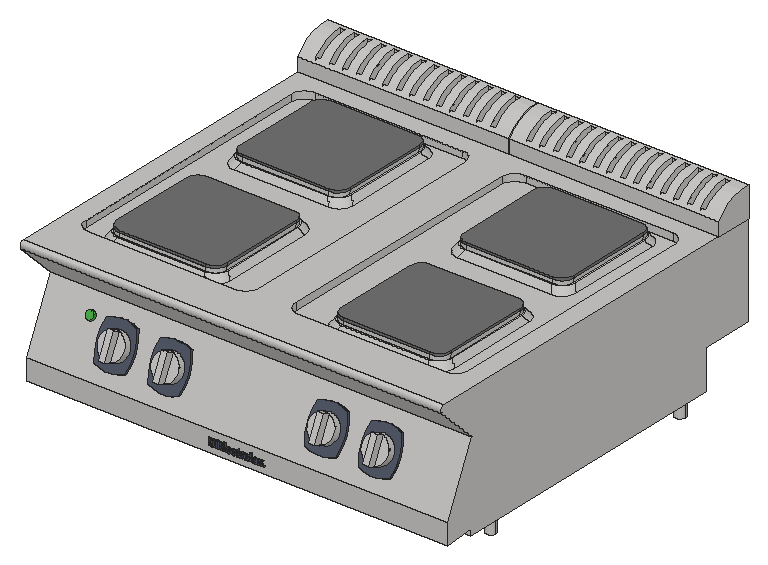
Revit family "QF_ELECTROLUXPROFESSIONAL_371130_E7ECEH4Q0N", category Specialty Equipment, Revit 2018
Family settings
  Round Connector Dimension = Use Diameter
  Part Type = Normal
  Work Plane-Based = No
  Always vertical = Yes
  Cut with Voids When Loaded = No
  Shared = No
  Room Calculation Point = No
Parameters
  Width = 800.1 mm  # constant formula
  Weight in Pounds = 88  # constant formula
  Watts = 10400 VA  # 10400 W
  Volts = 230 V  # constant formula
  URL Cutsheet = "www.electrolux.com/foodservice"
  URL = "www.electrolux.com/foodservice"
  Type Mark [instance] = ""
  Status [instance] = ""
  Specification by User [instance] = ""
  Specification by Manufacturer = ""
  Show Logo [instance] = yes
  Show Clearance [instance] = yes
  Serial Number = ""
  Seismic Rating = ""
  SMACNA No = ""
  Revision Code [instance] = ""
  Phase = 3  # constant formula
  Omniclass Number and Title = ""
  Number of Poles [instance] = 1
  NAFEM Spec ID Number = ""
  Model = "371130"
  Min Ckt Ampacity = 0 A
  Max Overcurrent Protection = 0 A
  Masterspec = ""
  Manufacturer = "ELECTROLUX"
  Item Number [instance] = ""
  Installed By [instance] = ""
  Identify Quantity as Lot [instance] = yes
  Height = 331.8 mm  # constant formula
  HP = "13.9 HP"
  Furnished By [instance] = ""
  Foodservice Equipment Identifier [instance] = yes
  FL Amps = if(Phase = 3, Watts / (Volts * 1.73), Watts / Volts)  # 26.1372 A
  Electrical Remarks [instance] = "230 V/3 ph/50/60 Hz"  # constant formula
  Electric Connection Type [instance] = ""
  Elec Conn RI Height [instance] = 0 mm
  Elec Conn Connection Height [instance] = 0 mm
  Direct Waste Size = 0"
  Description = "700XP 4 Hot Square Plate Electric Boiling Top 2.6KW - 230V"
  Depth = 730.25 mm  # constant formula
  Cycle [instance] = if([60 Hertz Option], 60 Hz, 50 Hz)  # 60 Hz
  Conn Plug = ""
  Conn Conduit = yes
  CSI MasterFormat = ""
  CSI Master Format = ""
  Base Height [instance] = 23.813 mm  # constant formula
  Assembly Code = ""
  Apparent Power = if(Phase = 3, Volts * FL Amps * 1.73, Volts * FL Amps)  # 10400 VA
  60 Hertz Option [instance] = not([50 Hertz Option])  # yes
  50 Hertz Option [instance] = no
Reference planes
  plane 1 "BACK": y = 0
  plane 2: z = 0
  plane 3 "LEFT": x = 0
  plane 4 "RIGHT": x = 800.1
  plane 5 "FRONT": y = -730.25
  plane 6 "TOP": z = 288.925
  plane 7 "Center Y": x = 400.05
  plane 8 "Center X": y = -365.125
  plane 9 "BASE": z = 23.813
  plane 10 "TOP A": z = 274.638
  plane 11: y = -597.884
  plane 12: y = -147.637
  plane 13: z = 331.8
Forms (mm)
  Extrusion 1, solid, material "QF_Finishes_Stainless Steel"
    sketch origin (0, 0, 0) x (0, 1, 0) y (0, 0, 1)
      loop
        line (0, 274.638) -> (-722.844, 274.638)
        arc (-722.844, 274.638) -> (-729.641, 270.096) -> (-728.047, 262.077) r 7.358
        line (-728.047, 262.077) -> (-657.416, 191.447) -> (-713.772, 69.003) -> (-713.772, 30.903) -> (-660.4, 36.513) -> (-660.4, 23.812) -> (-101.6, 23.812) -> (-101.6, 98.425) -> (0, 98.425) -> (0, 274.638)
    from 0 to 800.1
  Extrusion 2, solid, material "QF_Finishes_Stainless Steel"
    sketch origin (0, 0, 0) x (1, 0, 0) y (0, 1, 0)
      loop
        circle (11.112, -147.638) r 9.525
      loop
        circle (11.112, -597.884) r 9.525
      loop
        circle (788.987, -147.638) r 9.525
      loop
        circle (788.987, -597.884) r 9.525
    from 0 to 23.813
  Extrusion 3, solid, material "QF_Finishes_Stainless Steel"
    sketch origin (0, -101.6, 101.6) x (0, 0, -1) y (-1, 0, 0)
      loop
        circle (41.275, -747.712) r 12.7
    from 0 to 3.175
  Extrusion 4, solid, material "QF_Finishes_Clearance", visible <- "Show Clearance", detail levels coarse
    sketch origin (0, 0, 0) x (1, 0, 0) y (0, 1, 0)
      loop
        line (0, -730.25) -> (0, 0) -> (800.1, 0) -> (800.1, -730.25) -> (950.119, -730.25) -> (950.119, 150.019) -> (-150.019, 150.019) -> (-150.019, -730.25) -> (0, -730.25)
    from 0 to 331.788
  Extrusion 5, solid, material "QF_Finishes_Navy Blue"
    sketch origin (-390.52, -713.772, 69.003) x (0, 0.418102, 0.9084) y (-1, 0, 0)
      loop
        arc (102.623, -510.47) -> (67.041, -502.846) -> (31.333, -509.853) r 90.5
        arc (31.333, -509.853) -> (24.507, -539.04) -> (31.333, -568.228) r 65.817
        arc (31.333, -568.228) -> (67.04, -575.188) -> (102.623, -567.615) r 91.066
        arc (102.623, -567.615) -> (109.179, -539.043) -> (102.623, -510.47) r 65.546
    from 0 to 3.175
  Extrusion 6, solid, material "QF_Finishes_Stainless Steel"
    sketch origin (-11.77, -717.485, 68.529) x (0, 0.418102, 0.9084) y (-1, 0, 0)
      loop
        circle (68.826, -160.963) r 25.4
    from 0 to 12.7
  Extrusion 7, solid, material "QF_Finishes_Stainless Steel"
    sketch origin (-11.77, -729.022, 73.839) x (0, 0.418102, 0.9084) y (-1, 0, 0)
      loop
        arc (93.558, -166.749) -> (94.226, -160.963) -> (93.558, -155.177) r 25.4
        line (93.558, -155.177) -> (44.094, -155.177)
        arc (44.094, -155.177) -> (43.426, -160.963) -> (44.094, -166.749) r 25.4
        line (44.094, -166.749) -> (93.558, -166.749)
    from 0 to 12.7
  Extrusion 8, solid, material "QF_Finishes_Navy Blue", visible <- "Show Logo"
    sketch origin (58.349, -713.772, 35.665) x (0, 0, 1) y (-1, 0, 0)
      loop
        line (20.674, -296.698) -> (8.307, -296.698)
        arc (8.307, -296.698) -> (14.491, -301.27) -> (20.674, -296.698) r 6.467
      loop
        arc (20.674, -296.069) -> (19.505, -290.926) -> (14.849, -288.448) r 6.338
        line (14.849, -288.448) -> (14.849, -290.494)
        arc (14.849, -290.494) -> (16.333, -294.149) -> (19.778, -296.069) r 5.941
        line (19.778, -296.069) -> (20.674, -296.069)
      loop
        arc (9.203, -296.069) -> (12.648, -294.149) -> (14.132, -290.494) r 5.941
        line (14.132, -290.494) -> (14.132, -288.448)
        arc (14.132, -288.448) -> (9.438, -290.922) -> (8.148, -296.069) r 6.504
        line (8.148, -296.069) -> (9.203, -296.069)
      loop
        line (21.349, -287.979) -> (7.604, -287.979) -> (7.604, -301.742) -> (21.349, -301.742) -> (21.349, -287.979)
      loop
        arc (21.432, -304.71) -> (21.085, -304.352) -> (20.718, -304.69) r 0.358
        arc (20.718, -304.69) -> (20.404, -305.44) -> (19.687, -305.825) r 1.216
        line (19.687, -305.825) -> (9.274, -305.825)
        arc (9.274, -305.825) -> (8.614, -305.548) -> (8.218, -304.951) r 1.238
        arc (8.218, -304.951) -> (7.823, -304.7) -> (7.518, -305.054) r 0.358
        line (7.518, -305.054) -> (7.518, -314.933) -> (10.269, -314.933) -> (10.269, -314.036)
        arc (10.269, -314.036) -> (9.36, -313.456) -> (8.904, -312.479) r 1.928
        line (8.904, -312.479) -> (8.904, -309.98)
        arc (8.904, -309.98) -> (9.18, -309.251) -> (9.868, -308.887) r 1.101
        line (9.868, -308.887) -> (13.955, -308.887) -> (13.955, -312.561)
        arc (13.955, -312.561) -> (13.602, -313.058) -> (13.037, -313.286) r 1.083
        arc (13.037, -313.286) -> (12.773, -313.591) -> (13.065, -313.869) r 0.292
        line (13.065, -313.869) -> (16.028, -313.869)
        arc (16.028, -313.869) -> (16.33, -313.596) -> (16.092, -313.266) r 0.305
        arc (16.092, -313.266) -> (15.601, -313.018) -> (15.296, -312.561) r 1.083
        line (15.296, -312.561) -> (15.296, -308.887) -> (19.973, -308.887) -> (19.973, -312.635)
        arc (19.973, -312.635) -> (19.759, -313.39) -> (19.153, -313.888) r 1.314
        arc (19.153, -313.888) -> (18.934, -314.292) -> (19.288, -314.585) r 0.361
        line (19.288, -314.585) -> (21.432, -314.585) -> (21.432, -304.71)
      loop
        arc (20.715, -315.365) -> (20.335, -316.284) -> (19.416, -316.664) r 1.299
        line (19.416, -316.664) -> (9.837, -316.664)
        arc (9.837, -316.664) -> (8.999, -316.286) -> (8.728, -315.408) r 1.118
        line (8.728, -315.408) -> (7.518, -315.408) -> (7.518, -320.758) -> (8.706, -320.758)
        arc (8.706, -320.758) -> (8.978, -319.841) -> (9.848, -319.445) r 1.153
        line (9.848, -319.445) -> (21.92, -319.445) -> (20.715, -315.365)
      loop
        line (12.483, -323.394) -> (12.483, -329.842) -> (13.282, -329.842)
        arc (13.282, -329.842) -> (15.862, -328.857) -> (17.131, -326.404) r 3.874
        line (17.131, -326.404) -> (17.131, -324.643)
        arc (17.131, -324.643) -> (15.944, -321.778) -> (13.08, -320.592) r 4.051
        line (13.08, -320.592) -> (11.072, -320.592)
        arc (11.072, -320.592) -> (8.253, -322.077) -> (7.202, -325.084) r 4.352
        arc (7.202, -325.084) -> (7.566, -327.547) -> (8.943, -329.621) r 5.713
        line (8.943, -329.621) -> (9.892, -329.621)
        arc (9.892, -329.621) -> (9.16, -328.052) -> (8.943, -326.334) r 5.579
        arc (8.943, -326.334) -> (9.737, -324.371) -> (11.616, -323.394) r 3.057
        line (11.616, -323.394) -> (12.483, -323.394)
      loop
        line (13.742, -323.394) -> (13.742, -326.977)
        arc (13.742, -326.977) -> (15.199, -327.024) -> (16.082, -325.864) r 1.59
        line (16.082, -325.864) -> (16.082, -325.034)
        arc (16.082, -325.034) -> (15.217, -323.779) -> (13.742, -323.394) r 2.184
      loop
        arc (16.533, -339.259) -> (17.022, -337.585) -> (17.179, -335.848) r 9.023
        line (17.179, -335.848) -> (17.179, -334.486)
        arc (17.179, -334.486) -> (16.02, -331.686) -> (13.22, -330.527) r 3.959
        line (13.22, -330.527) -> (10.62, -330.527)
        arc (10.62, -330.527) -> (8.338, -331.819) -> (7.221, -334.192) r 4.331
        line (7.221, -334.192) -> (7.221, -336.327)
        arc (7.221, -336.327) -> (7.729, -337.877) -> (8.651, -339.223) r 5.772
        arc (8.651, -339.223) -> (9.412, -339.274) -> (9.499, -338.515) r 0.553
        arc (9.499, -338.515) -> (9.111, -337.781) -> (8.977, -336.962) r 2.573
        line (8.977, -336.962) -> (8.977, -335.447)
        arc (8.977, -335.447) -> (9.983, -333.806) -> (11.798, -333.163) r 2.884
        line (11.798, -333.163) -> (13.077, -333.163)
        arc (13.077, -333.163) -> (14.898, -333.723) -> (15.824, -335.388) r 2.554
        line (15.824, -335.388) -> (15.824, -336.441)
        arc (15.824, -336.441) -> (15.493, -337.369) -> (14.836, -338.104) r 2.564
        arc (14.836, -338.104) -> (14.614, -338.821) -> (15.223, -339.259) r 0.643
        line (15.223, -339.259) -> (16.533, -339.259)
      loop
        line (15.515, -339.53) -> (15.515, -341.031) -> (9.467, -341.031)
        arc (9.467, -341.031) -> (7.879, -341.688) -> (7.221, -343.276) r 2.246
        line (7.221, -343.276) -> (7.221, -344.86)
        arc (7.221, -344.86) -> (7.535, -345.725) -> (8.035, -346.496) r 4.06
        arc (8.035, -346.496) -> (8.768, -346.629) -> (9.019, -345.928) r 0.576
        arc (9.019, -345.928) -> (8.913, -345.403) -> (8.977, -344.87) r 1.69
        arc (8.977, -344.87) -> (9.519, -344.082) -> (10.425, -343.779) r 1.506
        line (10.425, -343.779) -> (15.563, -343.779) -> (15.563, -346.176) -> (16.119, -346.733) -> (16.941, -346.733) -> (16.941, -343.873) -> (20.172, -343.873) -> (15.515, -339.53)
      loop
        line (7.438, -347.63) -> (7.438, -353.017) -> (8.548, -353.017)
        arc (8.548, -353.017) -> (8.942, -352.066) -> (9.893, -351.672) r 1.345
        line (9.893, -351.672) -> (13.509, -351.672)
        arc (13.509, -351.672) -> (14.274, -352.264) -> (14.564, -353.186) r 1.615
        line (14.564, -353.186) -> (14.564, -354.742) -> (17.119, -355.427) -> (17.119, -354.044) -> (15.177, -351.485) -> (17.057, -351.485) -> (16.773, -348.779)
        arc (16.773, -348.779) -> (16.333, -348.249) -> (15.674, -348.45) r 0.621
        arc (15.674, -348.45) -> (15.274, -348.792) -> (14.78, -348.975) r 1.501
        line (14.78, -348.975) -> (9.893, -348.975)
        arc (9.893, -348.975) -> (8.942, -348.581) -> (8.548, -347.63) r 1.345
        line (8.548, -347.63) -> (7.438, -347.63)
      loop
        line (13.54, -354.964) -> (10.848, -354.964)
        arc (10.848, -354.964) -> (8.403, -356.272) -> (7.269, -358.803) r 4.288
        arc (7.269, -358.803) -> (7.205, -360.183) -> (7.269, -361.563) r 15.022
        arc (7.269, -361.563) -> (8.403, -364.094) -> (10.848, -365.401) r 4.288
        line (10.848, -365.401) -> (13.54, -365.401)
        arc (13.54, -365.401) -> (15.986, -364.094) -> (17.119, -361.563) r 4.288
        arc (17.119, -361.563) -> (17.183, -360.183) -> (17.119, -358.803) r 15.022
        arc (17.119, -358.803) -> (15.986, -356.272) -> (13.54, -354.964) r 4.288
      loop
        line (13.745, -358.078) -> (10.643, -358.078)
        arc (10.643, -358.078) -> (8.486, -360.235) -> (10.643, -362.392) r 2.157
        line (10.643, -362.392) -> (13.745, -362.392)
        arc (13.745, -362.392) -> (15.902, -360.235) -> (13.745, -358.078) r 2.157
      loop
        arc (20.726, -365.26) -> (20.355, -366.154) -> (19.461, -366.524) r 1.264
        line (19.461, -366.524) -> (9.597, -366.524)
        arc (9.597, -366.524) -> (8.727, -366.127) -> (8.455, -365.211) r 1.153
        line (8.455, -365.211) -> (7.518, -365.211) -> (7.518, -370.319) -> (8.446, -370.319)
        arc (8.446, -370.319) -> (8.805, -369.547) -> (9.597, -369.232) r 1.153
        line (9.597, -369.232) -> (21.92, -369.232) -> (20.726, -365.26)
      loop
        arc (15.846, -369.857) -> (15.647, -370.921) -> (14.678, -371.403) r 1.215
        line (14.678, -371.403) -> (9.658, -371.403)
        arc (9.658, -371.403) -> (8.043, -372.051) -> (7.322, -373.634) r 2.338
        line (7.322, -373.634) -> (7.322, -375.148)
        arc (7.322, -375.148) -> (7.497, -376.152) -> (7.999, -377.038) r 2.979
        line (7.999, -377.038) -> (7.518, -378.835) -> (7.518, -380.524) -> (16.943, -380.524) -> (16.649, -376.32) -> (15.863, -376.32)
        arc (15.863, -376.32) -> (15.507, -377.156) -> (14.755, -377.665) r 1.605
        line (14.755, -377.665) -> (9.652, -377.665)
        arc (9.652, -377.665) -> (9.232, -376.728) -> (9.159, -375.704) r 2.94
        arc (9.159, -375.704) -> (9.72, -374.603) -> (10.873, -374.16) r 1.724
        line (10.873, -374.16) -> (17.07, -374.16) -> (15.846, -369.857)
      loop
        line (16.874, -381.377) -> (15.202, -383.423) -> (12.028, -385.729) -> (8.572, -382.617)
        arc (8.572, -382.617) -> (8.335, -382.223) -> (8.357, -381.764) r 0.789
        line (8.357, -381.764) -> (7.518, -381.764) -> (7.518, -385.309) -> (8.344, -385.309)
        arc (8.344, -385.309) -> (8.686, -384.947) -> (9.176, -385.039) r 0.52
        line (9.176, -385.039) -> (10.976, -386.51) -> (8.858, -387.886)
        arc (8.858, -387.886) -> (8.457, -387.576) -> (8.37, -387.076) r 0.7
        line (8.37, -387.076) -> (7.518, -387.076) -> (7.518, -393.003) -> (8.405, -393.003)
        arc (8.405, -393.003) -> (8.472, -392.344) -> (8.866, -391.813) r 1.247
        line (8.866, -391.813) -> (13.066, -388.532) -> (15.513, -390.585) -> (16.874, -392.327) -> (16.874, -388.604) -> (15.389, -389.026) -> (13.868, -387.749) -> (15.568, -386.559) -> (16.874, -387.336) -> (16.874, -381.377)
    from 0 to 1.644
  Extrusion 9, solid, material "QF_Finishes_Stainless Steel"
    sketch origin (0, 0, 0) x (0, 1, 0) y (0, 0, 1)
      loop
        line (0, 274.638) -> (0, 331.738)
        arc (0, 331.738) -> (-38.857, 324.552) -> (-69.85, 300.038) r 82.056
        line (-69.85, 300.038) -> (-69.85, 274.638) -> (0, 274.638)
    from 0 to 400.05
  Extrusion 10, void
    sketch origin (0, 0, 274.638) x (0, -1, 0) y (1, 0, 0)
      loop
        line (6.761, 29.703) -> (63.911, 29.703) -> (63.911, 38.999) -> (6.761, 38.999) -> (6.761, 29.703)
      loop
        line (63.911, 64.487) -> (6.761, 64.487) -> (6.761, 55.191) -> (63.911, 55.191) -> (63.911, 64.487)
      loop
        line (63.911, 89.975) -> (6.761, 89.975) -> (6.761, 80.68) -> (63.911, 80.68) -> (63.911, 89.975)
      loop
        line (63.911, 115.464) -> (6.761, 115.464) -> (6.761, 106.168) -> (63.911, 106.168) -> (63.911, 115.464)
      loop
        line (63.911, 140.952) -> (6.761, 140.952) -> (6.761, 131.656) -> (63.911, 131.656) -> (63.911, 140.952)
      loop
        line (63.911, 166.44) -> (6.761, 166.44) -> (6.761, 157.145) -> (63.911, 157.145) -> (63.911, 166.44)
      loop
        line (63.911, 191.929) -> (6.761, 191.929) -> (6.761, 182.633) -> (63.911, 182.633) -> (63.911, 191.929)
      loop
        line (63.911, 217.417) -> (6.761, 217.417) -> (6.761, 208.121) -> (63.911, 208.121) -> (63.911, 217.417)
      loop
        line (63.911, 242.905) -> (6.761, 242.905) -> (6.761, 233.61) -> (63.911, 233.61) -> (63.911, 242.905)
      loop
        line (63.911, 268.394) -> (6.761, 268.394) -> (6.761, 259.098) -> (63.911, 259.098) -> (63.911, 268.394)
      loop
        line (63.911, 293.882) -> (6.761, 293.882) -> (6.761, 284.586) -> (63.911, 284.586) -> (63.911, 293.882)
      loop
        line (63.911, 319.37) -> (6.761, 319.37) -> (6.761, 310.075) -> (63.911, 310.075) -> (63.911, 319.37)
      loop
        line (63.911, 344.859) -> (6.761, 344.859) -> (6.761, 335.563) -> (63.911, 335.563) -> (63.911, 344.859)
      loop
        line (63.911, 370.347) -> (6.761, 370.347) -> (6.761, 361.051) -> (63.911, 361.051) -> (63.911, 370.347)
    from 25.4 to 63.5
  Extrusion 11, solid, material "QF_Finishes_Stainless Steel"
    sketch origin (400.05, 0, 0) x (0, 1, 0) y (0, 0, 1)
      loop
        line (0, 274.638) -> (0, 331.738)
        arc (0, 331.738) -> (-38.857, 324.552) -> (-69.85, 300.038) r 82.056
        line (-69.85, 300.038) -> (-69.85, 274.638) -> (0, 274.638)
    from 0 to 400.05
  Extrusion 12, void
    sketch origin (400.05, 0, 274.638) x (0, -1, 0) y (1, 0, 0)
      loop
        line (6.761, 29.703) -> (63.911, 29.703) -> (63.911, 38.999) -> (6.761, 38.999) -> (6.761, 29.703)
      loop
        line (63.911, 64.487) -> (6.761, 64.487) -> (6.761, 55.191) -> (63.911, 55.191) -> (63.911, 64.487)
      loop
        line (63.911, 89.975) -> (6.761, 89.975) -> (6.761, 80.68) -> (63.911, 80.68) -> (63.911, 89.975)
      loop
        line (63.911, 115.464) -> (6.761, 115.464) -> (6.761, 106.168) -> (63.911, 106.168) -> (63.911, 115.464)
      loop
        line (63.911, 140.952) -> (6.761, 140.952) -> (6.761, 131.656) -> (63.911, 131.656) -> (63.911, 140.952)
      loop
        line (63.911, 166.44) -> (6.761, 166.44) -> (6.761, 157.145) -> (63.911, 157.145) -> (63.911, 166.44)
      loop
        line (63.911, 191.929) -> (6.761, 191.929) -> (6.761, 182.633) -> (63.911, 182.633) -> (63.911, 191.929)
      loop
        line (63.911, 217.417) -> (6.761, 217.417) -> (6.761, 208.121) -> (63.911, 208.121) -> (63.911, 217.417)
      loop
        line (63.911, 242.905) -> (6.761, 242.905) -> (6.761, 233.61) -> (63.911, 233.61) -> (63.911, 242.905)
      loop
        line (63.911, 268.394) -> (6.761, 268.394) -> (6.761, 259.098) -> (63.911, 259.098) -> (63.911, 268.394)
      loop
        line (63.911, 293.882) -> (6.761, 293.882) -> (6.761, 284.586) -> (63.911, 284.586) -> (63.911, 293.882)
      loop
        line (63.911, 319.37) -> (6.761, 319.37) -> (6.761, 310.075) -> (63.911, 310.075) -> (63.911, 319.37)
      loop
        line (63.911, 344.859) -> (6.761, 344.859) -> (6.761, 335.563) -> (63.911, 335.563) -> (63.911, 344.859)
      loop
        line (63.911, 370.347) -> (6.761, 370.347) -> (6.761, 361.051) -> (63.911, 361.051) -> (63.911, 370.347)
    from 25.4 to 63.5
  Extrusion 13, void
    sketch origin (0, 0, 274.638) x (1, 0, 0) y (0, -1, 0)
      loop
        line (60.425, 104.885) -> (339.625, 104.885)
        arc (339.625, 104.885) -> (357.586, 112.324) -> (365.025, 130.285) r 25.4
        line (365.025, 130.285) -> (365.025, 619.485)
        arc (365.025, 619.485) -> (357.586, 637.445) -> (339.625, 644.885) r 25.4
        line (339.625, 644.885) -> (60.425, 644.885)
        arc (60.425, 644.885) -> (42.464, 637.445) -> (35.025, 619.485) r 25.4
        line (35.025, 619.485) -> (35.025, 130.285)
        arc (35.025, 130.285) -> (42.464, 112.324) -> (60.425, 104.885) r 25.4
      loop
        arc (739.675, 104.885) -> (757.636, 112.324) -> (765.075, 130.285) r 25.4
        line (765.075, 130.285) -> (765.075, 619.485)
        arc (765.075, 619.485) -> (757.636, 637.445) -> (739.675, 644.885) r 25.4
        line (739.675, 644.885) -> (460.475, 644.885)
        arc (460.475, 644.885) -> (442.514, 637.445) -> (435.075, 619.485) r 25.4
        line (435.075, 619.485) -> (435.075, 130.285)
        arc (435.075, 130.285) -> (442.514, 112.324) -> (460.475, 104.885) r 25.4
        line (460.475, 104.885) -> (739.675, 104.885)
    from 0 to 12.7
  Extrusion 14, solid, material "QF_Finishes_Navy Blue"
    sketch origin (-288.02, -713.772, 69.003) x (0, 0.418102, 0.9084) y (-1, 0, 0)
      loop
        arc (102.623, -510.47) -> (67.041, -502.846) -> (31.333, -509.853) r 90.5
        arc (31.333, -509.853) -> (24.507, -539.04) -> (31.333, -568.228) r 65.817
        arc (31.333, -568.228) -> (67.04, -575.188) -> (102.623, -567.615) r 91.066
        arc (102.623, -567.615) -> (109.179, -539.043) -> (102.623, -510.47) r 65.546
    from 0 to 3.175
  Extrusion 15, solid, material "QF_Finishes_Stainless Steel"
    sketch origin (90.73, -717.485, 68.529) x (0, 0.418102, 0.9084) y (-1, 0, 0)
      loop
        circle (68.826, -160.963) r 25.4
    from 0 to 12.7
  Extrusion 16, solid, material "QF_Finishes_Stainless Steel"
    sketch origin (90.73, -729.022, 73.839) x (0, 0.418102, 0.9084) y (-1, 0, 0)
      loop
        arc (93.558, -166.749) -> (94.226, -160.963) -> (93.558, -155.177) r 25.4
        line (93.558, -155.177) -> (44.094, -155.177)
        arc (44.094, -155.177) -> (43.426, -160.963) -> (44.094, -166.749) r 25.4
        line (44.094, -166.749) -> (93.558, -166.749)
    from 0 to 12.7
  Extrusion 17, solid, material "QF_Finishes_Navy Blue"
    sketch origin (1190.62, -713.772, 69.003) x (0, 0.418102, 0.9084) y (-1, 0, 0)
      loop
        arc (102.623, 510.47) -> (109.179, 539.043) -> (102.623, 567.615) r 65.546
        arc (102.623, 567.615) -> (67.04, 575.188) -> (31.333, 568.228) r 91.066
        arc (31.333, 568.228) -> (24.507, 539.04) -> (31.333, 509.853) r 65.817
        arc (31.333, 509.853) -> (67.041, 502.846) -> (102.623, 510.47) r 90.5
    from 0 to 3.175
  Extrusion 18, solid, material "QF_Finishes_Stainless Steel"
    sketch origin (1569.37, -717.485, 68.529) x (0, 0.418102, 0.9084) y (-1, 0, 0)
      loop
        circle (68.826, 918.463) r 25.4
    from 0 to 12.7
  Extrusion 19, solid, material "QF_Finishes_Stainless Steel"
    sketch origin (1569.37, -729.022, 73.839) x (0, 0.418102, 0.9084) y (-1, 0, 0)
      loop
        line (93.558, 924.249) -> (44.094, 924.249)
        arc (44.094, 924.249) -> (43.426, 918.463) -> (44.094, 912.677) r 25.4
        line (44.094, 912.677) -> (93.558, 912.677)
        arc (93.558, 912.677) -> (94.226, 918.463) -> (93.558, 924.249) r 25.4
    from 0 to 12.7
  Extrusion 20, solid, material "QF_Finishes_Navy Blue"
    sketch origin (1088.12, -713.772, 69.003) x (0, 0.418102, 0.9084) y (-1, 0, 0)
      loop
        arc (102.623, 510.47) -> (109.179, 539.043) -> (102.623, 567.615) r 65.546
        arc (102.623, 567.615) -> (67.04, 575.188) -> (31.333, 568.228) r 91.066
        arc (31.333, 568.228) -> (24.507, 539.04) -> (31.333, 509.853) r 65.817
        arc (31.333, 509.853) -> (67.041, 502.846) -> (102.623, 510.47) r 90.5
    from 0 to 3.175
  Extrusion 21, solid, material "QF_Finishes_Stainless Steel"
    sketch origin (1466.87, -717.485, 68.529) x (0, 0.418102, 0.9084) y (-1, 0, 0)
      loop
        circle (68.826, 918.463) r 25.4
    from 0 to 12.7
  Extrusion 22, solid, material "QF_Finishes_Stainless Steel"
    sketch origin (1466.87, -729.022, 73.839) x (0, 0.418102, 0.9084) y (-1, 0, 0)
      loop
        line (93.558, 924.249) -> (44.094, 924.249)
        arc (44.094, 924.249) -> (43.426, 918.463) -> (44.094, 912.677) r 25.4
        line (44.094, 912.677) -> (93.558, 912.677)
        arc (93.558, 912.677) -> (94.226, 918.463) -> (93.558, 924.249) r 25.4
    from 0 to 12.7
  Extrusion 23, solid, material "QF_Finishes_Green"
    sketch origin (1.25, -711.681, 73.545) x (0, 0.418102, 0.9084) y (-1, 0, 0)
      loop
        circle (91.02, -88.134) r 8
    from 0 to 3.2
Cuts and joins
  Extrusion 10 cuts Extrusion 9
  Extrusion 12 cuts Extrusion 11
  Extrusion 13 cuts Extrusion 1
Lines and regions (mm)
  symbolic lines, style "QF-Clearances", visible <- "Show Clearance", detail levels coarse
    curve 1: line (-150.019, 150.019, 274.638) -> (-150.019, -730.25, 274.638)
    curve 2: line (950.119, 150.019, 274.638) -> (-150.019, 150.019, 274.638)
    curve 3: line (950.119, -730.25, 274.638) -> (950.119, 150.019, 274.638)
  symbolic lines
    curve 4: line (0, 0, 274.638) -> (800.1, 0, 274.638)
    curve 5: line (0, -730.25, 274.638) -> (0, 0, 274.638)
    curve 6: line (800.1, 0, 274.638) -> (800.1, -730.25, 274.638)
    curve 7: line (0, -69.85, 274.638) -> (800.1, -69.85, 274.638)
    curve 8: line (800.1, -730.25, 274.638) -> (0, -730.25, 274.638)
    curve 9: line (29.703, -6.761, 0) -> (38.999, -6.761, 0)
    curve 10: line (29.703, -63.911, 0) -> (29.703, -6.761, 0)
    curve 11: line (38.999, -63.911, 0) -> (29.703, -63.911, 0)
    curve 12: line (38.999, -6.761, 0) -> (38.999, -63.911, 0)
    curve 13: line (55.191, -6.761, 0) -> (64.487, -6.761, 0)
    curve 14: line (55.191, -63.911, 0) -> (55.191, -6.761, 0)
    curve 15: line (64.487, -63.911, 0) -> (55.191, -63.911, 0)
    curve 16: line (64.487, -6.761, 0) -> (64.487, -63.911, 0)
    curve 17: line (80.68, -6.761, 0) -> (89.975, -6.761, 0)
    curve 18: line (80.68, -63.911, 0) -> (80.68, -6.761, 0)
    curve 19: line (89.975, -63.911, 0) -> (80.68, -63.911, 0)
    curve 20: line (89.975, -6.761, 0) -> (89.975, -63.911, 0)
    curve 21: line (106.168, -6.761, 0) -> (115.464, -6.761, 0)
    curve 22: line (106.168, -63.911, 0) -> (106.168, -6.761, 0)
    curve 23: line (115.464, -63.911, 0) -> (106.168, -63.911, 0)
    curve 24: line (115.464, -6.761, 0) -> (115.464, -63.911, 0)
    curve 25: line (131.656, -6.761, 0) -> (140.952, -6.761, 0)
    curve 26: line (131.656, -63.911, 0) -> (131.656, -6.761, 0)
    curve 27: line (140.952, -63.911, 0) -> (131.656, -63.911, 0)
    curve 28: line (140.952, -6.761, 0) -> (140.952, -63.911, 0)
    curve 29: line (157.145, -6.761, 0) -> (166.44, -6.761, 0)
    curve 30: line (157.145, -63.911, 0) -> (157.145, -6.761, 0)
    curve 31: line (166.44, -63.911, 0) -> (157.145, -63.911, 0)
    curve 32: line (166.44, -6.761, 0) -> (166.44, -63.911, 0)
    curve 33: line (182.633, -6.761, 0) -> (191.929, -6.761, 0)
    curve 34: line (182.633, -63.911, 0) -> (182.633, -6.761, 0)
    curve 35: line (191.929, -63.911, 0) -> (182.633, -63.911, 0)
    curve 36: line (191.929, -6.761, 0) -> (191.929, -63.911, 0)
    curve 37: line (208.121, -6.761, 0) -> (217.417, -6.761, 0)
    curve 38: line (208.121, -63.911, 0) -> (208.121, -6.761, 0)
    curve 39: line (217.417, -63.911, 0) -> (208.121, -63.911, 0)
    curve 40: line (217.417, -6.761, 0) -> (217.417, -63.911, 0)
    curve 41: line (233.61, -6.761, 0) -> (242.905, -6.761, 0)
    curve 42: line (233.61, -63.911, 0) -> (233.61, -6.761, 0)
    curve 43: line (242.905, -63.911, 0) -> (233.61, -63.911, 0)
    curve 44: line (242.905, -6.761, 0) -> (242.905, -63.911, 0)
    curve 45: line (259.098, -6.761, 0) -> (268.394, -6.761, 0)
    curve 46: line (259.098, -63.911, 0) -> (259.098, -6.761, 0)
    curve 47: line (268.394, -63.911, 0) -> (259.098, -63.911, 0)
    curve 48: line (268.394, -6.761, 0) -> (268.394, -63.911, 0)
    curve 49: line (284.586, -6.761, 0) -> (293.882, -6.761, 0)
    curve 50: line (284.586, -63.911, 0) -> (284.586, -6.761, 0)
    curve 51: line (293.882, -63.911, 0) -> (284.586, -63.911, 0)
    curve 52: line (293.882, -6.761, 0) -> (293.882, -63.911, 0)
    curve 53: line (310.075, -6.761, 0) -> (319.37, -6.761, 0)
    curve 54: line (310.075, -63.911, 0) -> (310.075, -6.761, 0)
    curve 55: line (319.37, -63.911, 0) -> (310.075, -63.911, 0)
    curve 56: line (319.37, -6.761, 0) -> (319.37, -63.911, 0)
    curve 57: line (335.563, -6.761, 0) -> (344.859, -6.761, 0)
    curve 58: line (335.563, -63.911, 0) -> (335.563, -6.761, 0)
    curve 59: line (344.859, -63.911, 0) -> (335.563, -63.911, 0)
    curve 60: line (344.859, -6.761, 0) -> (344.859, -63.911, 0)
    curve 61: line (361.051, -6.761, 0) -> (370.347, -6.761, 0)
    curve 62: line (361.051, -63.911, 0) -> (361.051, -6.761, 0)
    curve 63: line (370.347, -63.911, 0) -> (361.051, -63.911, 0)
    curve 64: line (370.347, -6.761, 0) -> (370.347, -63.911, 0)
    curve 65: line (400.05, 0, 0) -> (400.05, -69.85, 0)
    curve 66: line (770.397, -6.761, 0) -> (761.101, -6.761, 0)
    curve 67: line (770.397, -63.911, 0) -> (770.397, -6.761, 0)
    curve 68: line (761.101, -63.911, 0) -> (770.397, -63.911, 0)
    curve 69: line (761.101, -6.761, 0) -> (761.101, -63.911, 0)
    curve 70: line (744.909, -6.761, 0) -> (735.613, -6.761, 0)
    curve 71: line (744.909, -63.911, 0) -> (744.909, -6.761, 0)
    curve 72: line (735.613, -63.911, 0) -> (744.909, -63.911, 0)
    curve 73: line (735.613, -6.761, 0) -> (735.613, -63.911, 0)
    curve 74: line (719.42, -6.761, 0) -> (710.125, -6.761, 0)
    curve 75: line (719.42, -63.911, 0) -> (719.42, -6.761, 0)
    curve 76: line (710.125, -63.911, 0) -> (719.42, -63.911, 0)
    curve 77: line (710.125, -6.761, 0) -> (710.125, -63.911, 0)
    curve 78: line (693.932, -6.761, 0) -> (684.636, -6.761, 0)
    curve 79: line (693.932, -63.911, 0) -> (693.932, -6.761, 0)
    curve 80: line (684.636, -63.911, 0) -> (693.932, -63.911, 0)
    curve 81: line (684.636, -6.761, 0) -> (684.636, -63.911, 0)
    curve 82: line (668.444, -6.761, 0) -> (659.148, -6.761, 0)
    curve 83: line (668.444, -63.911, 0) -> (668.444, -6.761, 0)
    curve 84: line (659.148, -63.911, 0) -> (668.444, -63.911, 0)
    curve 85: line (659.148, -6.761, 0) -> (659.148, -63.911, 0)
    curve 86: line (642.955, -6.761, 0) -> (633.66, -6.761, 0)
    curve 87: line (642.955, -63.911, 0) -> (642.955, -6.761, 0)
    curve 88: line (633.66, -63.911, 0) -> (642.955, -63.911, 0)
    curve 89: line (633.66, -6.761, 0) -> (633.66, -63.911, 0)
    curve 90: line (617.467, -6.761, 0) -> (608.171, -6.761, 0)
    curve 91: line (617.467, -63.911, 0) -> (617.467, -6.761, 0)
    curve 92: line (608.171, -63.911, 0) -> (617.467, -63.911, 0)
    curve 93: line (608.171, -6.761, 0) -> (608.171, -63.911, 0)
    curve 94: line (591.979, -6.761, 0) -> (582.683, -6.761, 0)
    curve 95: line (591.979, -63.911, 0) -> (591.979, -6.761, 0)
    curve 96: line (582.683, -63.911, 0) -> (591.979, -63.911, 0)
    curve 97: line (582.683, -6.761, 0) -> (582.683, -63.911, 0)
    curve 98: line (566.49, -6.761, 0) -> (557.195, -6.761, 0)
    curve 99: line (566.49, -63.911, 0) -> (566.49, -6.761, 0)
    curve 100: line (557.195, -63.911, 0) -> (566.49, -63.911, 0)
    curve 101: line (557.195, -6.761, 0) -> (557.195, -63.911, 0)
    curve 102: line (541.002, -6.761, 0) -> (531.706, -6.761, 0)
    curve 103: line (541.002, -63.911, 0) -> (541.002, -6.761, 0)
    curve 104: line (531.706, -63.911, 0) -> (541.002, -63.911, 0)
    curve 105: line (531.706, -6.761, 0) -> (531.706, -63.911, 0)
    curve 106: line (515.514, -6.761, 0) -> (506.218, -6.761, 0)
    curve 107: line (515.514, -63.911, 0) -> (515.514, -6.761, 0)
    curve 108: line (506.218, -63.911, 0) -> (515.514, -63.911, 0)
    curve 109: line (506.218, -6.761, 0) -> (506.218, -63.911, 0)
    curve 110: line (490.025, -6.761, 0) -> (480.73, -6.761, 0)
    curve 111: line (490.025, -63.911, 0) -> (490.025, -6.761, 0)
    curve 112: line (480.73, -63.911, 0) -> (490.025, -63.911, 0)
    curve 113: line (480.73, -6.761, 0) -> (480.73, -63.911, 0)
    curve 114: line (464.537, -6.761, 0) -> (455.241, -6.761, 0)
    curve 115: line (464.537, -63.911, 0) -> (464.537, -6.761, 0)
    curve 116: line (455.241, -63.911, 0) -> (464.537, -63.911, 0)
    curve 117: line (455.241, -6.761, 0) -> (455.241, -63.911, 0)
    curve 118: line (439.049, -6.761, 0) -> (429.753, -6.761, 0)
    curve 119: line (439.049, -63.911, 0) -> (439.049, -6.761, 0)
    curve 120: line (429.753, -63.911, 0) -> (439.049, -63.911, 0)
    curve 121: line (429.753, -6.761, 0) -> (429.753, -63.911, 0)
    curve 122: line (365.025, -130.285, 0) -> (365.025, -619.485, 0)
    curve 123: arc (365.025, -619.485, 0) -> (357.586, -637.445, 0) -> (339.625, -644.885, 0) r 25.4
    curve 124: line (339.625, -644.885, 0) -> (60.425, -644.885, 0)
    curve 125: arc (60.425, -644.885, 0) -> (42.464, -637.445, 0) -> (35.025, -619.485, 0) r 25.4
    curve 126: line (35.025, -619.485, 0) -> (35.025, -130.285, 0)
    curve 127: arc (35.025, -130.285, 0) -> (42.464, -112.324, 0) -> (60.425, -104.885, 0) r 25.4
    curve 128: line (60.425, -104.885, 0) -> (339.625, -104.885, 0)
    curve 129: arc (339.625, -104.885, 0) -> (357.586, -112.324, 0) -> (365.025, -130.285, 0) r 25.4
    curve 130: line (435.075, -619.485, 0) -> (435.075, -130.285, 0)
    curve 131: arc (435.075, -130.285, 0) -> (442.514, -112.324, 0) -> (460.475, -104.885, 0) r 25.4
    curve 132: line (460.475, -104.885, 0) -> (739.675, -104.885, 0)
    curve 133: arc (739.675, -104.885, 0) -> (757.636, -112.324, 0) -> (765.075, -130.285, 0) r 25.4
    curve 134: line (765.075, -130.285, 0) -> (765.075, -619.485, 0)
    curve 135: arc (765.075, -619.485, 0) -> (757.636, -637.445, 0) -> (739.675, -644.885, 0) r 25.4
    curve 136: line (739.675, -644.885, 0) -> (460.475, -644.885, 0)
    curve 137: arc (460.475, -644.885, 0) -> (442.514, -637.445, 0) -> (435.075, -619.485, 0) r 25.4
Dimensions and locks
  equal spacing: plane 3 "LEFT", plane 7 "Center Y", plane 4 "RIGHT"
  "Width": plane 3 "LEFT" to plane 4 "RIGHT"
  equal spacing: plane 5 "FRONT", plane 8 "Center X", plane 1 "BACK"
  "Depth": plane 5 "FRONT" to plane 1 "BACK"
  plane 1 "BACK" to plane 5 "FRONT" = 730.25 mm
  "Base Height": plane 9 "BASE" to level
  locked: plane 10 "TOP A" to plane 9 "BASE" at 250.825
  plane 4 "RIGHT" to Extrusion 3 sketch curve = 52.388 mm
  plane 10 "TOP A" to plane 9 "BASE" = 250.825 mm
  plane 9 "BASE" to level = 23.813 mm
  "Height": plane 13 to level
  Extrusion 3 sketch curve to plane 9 "BASE" = 36.513 mm
  aligned and locked: level to plane 2
  aligned and locked: plane 4 "RIGHT" to Extrusion 1
  aligned and locked: Extrusion 2 to plane 9 "BASE"
  aligned: plane 6 "TOP" to Extrusion 4
Automatic sketch dimensions
  plane 1 "BACK" to curve 65 = 0 mm
  curve 65 to plane 7 "Center Y" = 0 mm
  curve 63 to plane 7 "Center Y" = 29.703 mm
  curve 61 to curve 61 = 9.296 mm
  curve 60 to curve 62 = 16.193 mm
  curve 58 to curve 59 = 9.296 mm
  curve 55 to curve 58 = 16.193 mm
  curve 55 to curve 55 = 9.296 mm
  curve 51 to curve 54 = 16.193 mm
  curve 49 to curve 49 = 9.296 mm
  curve 47 to curve 50 = 16.193 mm
  curve 46 to curve 45 = 9.296 mm
  plane 1 "BACK" to curve 41 = 6.761 mm
  curve 41 to curve 45 = 16.193 mm
  curve 43 to curve 43 = 9.296 mm
  plane 1 "BACK" to curve 37 = 6.761 mm
  curve 37 to curve 41 = 16.193 mm
  curve 34 to curve 33 = 9.296 mm
  plane 1 "BACK" to curve 32 = 6.761 mm
  curve 32 to curve 33 = 16.193 mm
  curve 31 to curve 31 = 9.296 mm
  plane 1 "BACK" to curve 28 = 6.761 mm
  curve 28 to curve 29 = 16.193 mm
  curve 26 to curve 27 = 9.296 mm
  plane 1 "BACK" to curve 24 = 6.761 mm
  curve 24 to curve 25 = 16.193 mm
  curve 23 to curve 23 = 9.296 mm
  plane 1 "BACK" to curve 17 = 6.761 mm
  curve 17 to curve 21 = 16.193 mm
  curve 18 to curve 19 = 9.296 mm
  plane 1 "BACK" to curve 13 = 6.761 mm
  curve 13 to curve 17 = 16.193 mm
  curve 14 to curve 15 = 9.296 mm
  plane 1 "BACK" to curve 9 = 6.761 mm
  curve 9 to curve 13 = 16.193 mm
  curve 11 to curve 11 = 9.296 mm
  plane 1 "BACK" to curve 118 = 6.761 mm
  plane 7 "Center Y" to curve 118 = 29.703 mm
  curve 120 to curve 120 = 9.296 mm
  curve 119 to curve 116 = 16.193 mm
  curve 116 to curve 116 = 9.296 mm
  plane 1 "BACK" to curve 110 = 6.761 mm
  curve 114 to curve 110 = 16.193 mm
  curve 112 to curve 112 = 9.296 mm
  curve 111 to curve 109 = 16.193 mm
  curve 108 to curve 108 = 9.296 mm
  curve 107 to curve 105 = 16.193 mm
  curve 102 to curve 103 = 9.296 mm
  curve 103 to curve 100 = 16.193 mm
  curve 98 to curve 99 = 9.296 mm
  curve 99 to curve 96 = 16.193 mm
  curve 96 to curve 96 = 9.296 mm
  plane 1 "BACK" to curve 90 = 6.761 mm
  curve 94 to curve 90 = 16.193 mm
  curve 90 to curve 91 = 9.296 mm
  curve 91 to curve 89 = 16.193 mm
  curve 86 to curve 87 = 9.296 mm
  curve 87 to curve 84 = 16.193 mm
  curve 82 to curve 83 = 9.296 mm
  plane 1 "BACK" to curve 78 = 6.761 mm
  curve 82 to curve 78 = 16.193 mm
  curve 78 to curve 79 = 9.296 mm
  plane 1 "BACK" to curve 77 = 6.761 mm
  curve 78 to curve 77 = 16.193 mm
  curve 76 to curve 75 = 9.296 mm
  plane 1 "BACK" to curve 73 = 6.761 mm
  curve 74 to curve 73 = 16.193 mm
  curve 70 to curve 71 = 9.296 mm
  curve 71 to curve 69 = 16.193 mm
  curve 68 to curve 68 = 9.296 mm
  curve 65 to curve 118 = 63.089 mm
  curve 65 to curve 120 = 5.939 mm
  curve 10 to curve 9 = 57.15 mm
  curve 119 to curve 117 = 0 mm
  curve 11 to curve 14 = 0 mm
  curve 115 to curve 113 = 0 mm
  curve 15 to curve 18 = 0 mm
  curve 111 to curve 109 = 0 mm
  curve 19 to curve 22 = 0 mm
  curve 107 to curve 105 = 0 mm
  curve 23 to curve 26 = 0 mm
  curve 103 to curve 101 = 0 mm
  curve 27 to curve 30 = 0 mm
  curve 99 to curve 97 = 0 mm
  curve 31 to curve 34 = 0 mm
  curve 95 to curve 93 = 0 mm
  curve 35 to curve 38 = 0 mm
  curve 91 to curve 89 = 0 mm
  curve 39 to curve 42 = 0 mm
  curve 87 to curve 85 = 0 mm
  curve 43 to curve 46 = 0 mm
  curve 83 to curve 81 = 0 mm
  curve 47 to curve 50 = 0 mm
  curve 79 to curve 77 = 0 mm
  curve 51 to curve 54 = 0 mm
  curve 75 to curve 73 = 0 mm
  curve 55 to curve 58 = 0 mm
  curve 71 to curve 69 = 0 mm
  curve 59 to curve 62 = 0 mm
  plane 1 "BACK" to curve 36 = 6.761 mm
  plane 1 "BACK" to curve 66 = 6.761 mm
  plane 1 "BACK" to curve 62 = 6.761 mm
  plane 1 "BACK" to curve 60 = 6.761 mm
  plane 1 "BACK" to curve 56 = 6.761 mm
  plane 1 "BACK" to curve 52 = 6.761 mm
  plane 1 "BACK" to curve 48 = 6.761 mm
  plane 1 "BACK" to curve 82 = 6.761 mm
  plane 1 "BACK" to curve 86 = 6.761 mm
  plane 1 "BACK" to curve 94 = 6.761 mm
  plane 1 "BACK" to curve 98 = 6.761 mm
  plane 1 "BACK" to curve 102 = 6.761 mm
  plane 1 "BACK" to curve 106 = 6.761 mm
  plane 1 "BACK" to curve 114 = 6.761 mm
  Extrusion 1 sketch curve to plane 10 "TOP A" = 0 mm
  Extrusion 1 sketch curve to plane 9 "BASE" = 0 mm
  Extrusion 1 sketch curve to plane 1 "BACK" = 0 mm
  Extrusion 1 sketch curve to plane 12 = 46.038 mm
  plane 11 to Extrusion 1 sketch curve = 59.531 mm
  plane 9 "BASE" to Extrusion 1 sketch curve = 12.7 mm
  plane 11 to Extrusion 1 sketch curve = 62.516 mm
  Extrusion 1 sketch curve to plane 5 "FRONT" = 16.478 mm
  Extrusion 1 sketch curve to plane 5 "FRONT" = 7.406 mm
  Extrusion 1 sketch curve to plane 5 "FRONT" = 2.203 mm
  plane 9 "BASE" to Extrusion 1 sketch curve = 7.09 mm
  Extrusion 1 sketch curve to Extrusion 1 sketch curve = 38.1 mm
  plane 9 "BASE" to Extrusion 1 sketch curve = 74.612 mm
  Extrusion 1 sketch curve to plane 10 "TOP A" = 83.191 mm
  Extrusion 1 sketch curve to plane 10 "TOP A" = 12.56 mm
  plane 11 to Extrusion 2 sketch curve = 0 mm  (x2)
  plane 12 to Extrusion 2 sketch curve = 0 mm  (x2)
  plane 3 "LEFT" to Extrusion 2 sketch curve = 11.112 mm  (x2)
  Extrusion 2 sketch curve to plane 4 "RIGHT" = 11.113 mm  (x2)
  plane 5 "FRONT" to Extrusion 4 sketch curve = 0 mm  (x2)
  plane 1 "BACK" to Extrusion 4 sketch curve = 0 mm
  Extrusion 4 sketch curve to plane 3 "LEFT" = 0 mm
  Extrusion 4 sketch curve to plane 4 "RIGHT" = 0 mm
  Extrusion 4 sketch curve to plane 3 "LEFT" = 150.019 mm
  plane 4 "RIGHT" to Extrusion 4 sketch curve = 150.019 mm
  Extrusion 4 sketch curve to plane 1 "BACK" = 150.019 mm
  plane 5 "FRONT" to curve 3 = 0 mm
  curve 8 to plane 4 "RIGHT" = 0 mm
  curve 7 to plane 3 "LEFT" = 0 mm
  plane 5 "FRONT" to curve 1 = 0 mm
  plane 1 "BACK" to curve 5 = 0 mm
  plane 5 "FRONT" to curve 5 = 0 mm
  plane 4 "RIGHT" to curve 3 = 150.019 mm
  curve 2 to plane 3 "LEFT" = 150.019 mm
  curve 2 to plane 1 "BACK" = 150.019 mm
  Extrusion 5 sketch curve to Extrusion 5 sketch curve = 0 mm
  Extrusion 5 sketch curve to Extrusion 5 sketch curve = 12.3 mm  (x3)
  Extrusion 5 sketch curve to Extrusion 5 sketch curve = 34.925 mm  (x2)
  Extrusion 5 sketch curve to Extrusion 5 sketch curve = 46.691 mm
  Extrusion 7 sketch curve to Extrusion 7 sketch curve = 24.732 mm
  Extrusion 7 sketch curve to Extrusion 7 sketch curve = 0 mm
  plane 9 "BASE" to Extrusion 8 sketch curve = 14.013 mm
  plane 9 "BASE" to Extrusion 8 sketch curve = 19.054 mm
  plane 7 "Center Y" to Extrusion 8 sketch curve = 3.159 mm
  Extrusion 8 sketch curve to Extrusion 8 sketch curve = 5.06 mm
  Extrusion 8 sketch curve to Extrusion 8 sketch curve = 0 mm  (x28)
  Extrusion 8 sketch curve to Extrusion 8 sketch curve = 5.108 mm  (x2)
  Extrusion 8 sketch curve to Extrusion 8 sketch curve = 0.054 mm
  Extrusion 8 sketch curve to Extrusion 8 sketch curve = 0.218 mm
  Extrusion 8 sketch curve to Extrusion 8 sketch curve = 0.195 mm
  Extrusion 8 sketch curve to Extrusion 8 sketch curve = 0.249 mm
  plane 9 "BASE" to Extrusion 8 sketch curve = 19.371 mm
  Extrusion 8 sketch curve to Extrusion 8 sketch curve = 0.087 mm
  Extrusion 8 sketch curve to Extrusion 8 sketch curve = 0.358 mm
  Extrusion 8 sketch curve to Extrusion 8 sketch curve = 0.481 mm
  Extrusion 8 sketch curve to Extrusion 8 sketch curve = 0.597 mm
  Extrusion 8 sketch curve to Extrusion 8 sketch curve = 0.544 mm
  Extrusion 8 sketch curve to Extrusion 8 sketch curve = 0.936 mm
  Extrusion 8 sketch curve to Extrusion 8 sketch curve = 0.594 mm
  Extrusion 8 sketch curve to Extrusion 8 sketch curve = 0.343 mm
  Extrusion 8 sketch curve to Extrusion 8 sketch curve = 0.159 mm
  Extrusion 8 sketch curve to Extrusion 8 sketch curve = 0.826 mm
  Extrusion 8 sketch curve to Extrusion 8 sketch curve = 0.839 mm
  Extrusion 8 sketch curve to Extrusion 8 sketch curve = 0.852 mm
  Extrusion 8 sketch curve to Extrusion 8 sketch curve = 0.887 mm
  Extrusion 8 sketch curve to Extrusion 8 sketch curve = 0.928 mm
  Extrusion 8 sketch curve to Extrusion 8 sketch curve = 0.938 mm
  Extrusion 8 sketch curve to Extrusion 8 sketch curve = 0.444 mm
  Extrusion 8 sketch curve to Extrusion 8 sketch curve = 1.11 mm  (x3)
  Extrusion 8 sketch curve to Extrusion 8 sketch curve = 0.215 mm
  Extrusion 8 sketch curve to Extrusion 8 sketch curve = 1.43 mm
  Extrusion 8 sketch curve to Extrusion 8 sketch curve = 1.188 mm
  Extrusion 8 sketch curve to Extrusion 8 sketch curve = 1.21 mm  (x2)
  Extrusion 8 sketch curve to Extrusion 8 sketch curve = 0.503 mm
  Extrusion 8 sketch curve to Extrusion 8 sketch curve = 0.488 mm
  Extrusion 8 sketch curve to Extrusion 8 sketch curve = 0.462 mm
  Extrusion 8 sketch curve to Extrusion 8 sketch curve = 1.386 mm
  Extrusion 8 sketch curve to Extrusion 8 sketch curve = 1.742 mm  (x2)
  Extrusion 8 sketch curve to Extrusion 8 sketch curve = 0.821 mm
  Extrusion 8 sketch curve to Extrusion 8 sketch curve = 0.497 mm
  Extrusion 8 sketch curve to Extrusion 8 sketch curve = 0.539 mm
  Extrusion 8 sketch curve to Extrusion 8 sketch curve = 0.686 mm
  Extrusion 8 sketch curve to Extrusion 8 sketch curve = 0.408 mm
  Extrusion 8 sketch curve to Extrusion 8 sketch curve = 0.743 mm
  Extrusion 8 sketch curve to Extrusion 8 sketch curve = 1.16 mm
  Extrusion 8 sketch curve to Extrusion 8 sketch curve = 0.329 mm
  Extrusion 8 sketch curve to Extrusion 8 sketch curve = 1.054 mm
  Extrusion 8 sketch curve to Extrusion 8 sketch curve = 1.056 mm
  Extrusion 8 sketch curve to Extrusion 8 sketch curve = 0.129 mm
  Extrusion 8 sketch curve to Extrusion 8 sketch curve = 0.489 mm
  Extrusion 8 sketch curve to Extrusion 8 sketch curve = 0.441 mm
  Extrusion 8 sketch curve to Extrusion 8 sketch curve = 1.151 mm
  Extrusion 8 sketch curve to Extrusion 8 sketch curve = 1.141 mm  (x2)
  Extrusion 8 sketch curve to Extrusion 8 sketch curve = 0.768 mm
  Extrusion 8 sketch curve to Extrusion 8 sketch curve = 1.653 mm
  Extrusion 8 sketch curve to Extrusion 8 sketch curve = 0.499 mm
  Extrusion 8 sketch curve to Extrusion 8 sketch curve = 0.964 mm
  Extrusion 8 sketch curve to Extrusion 8 sketch curve = 0.949 mm
  Extrusion 8 sketch curve to Extrusion 8 sketch curve = 1.345 mm  (x2)
  Extrusion 8 sketch curve to Extrusion 8 sketch curve = 1.101 mm
  Extrusion 8 sketch curve to Extrusion 8 sketch curve = 0.432 mm
  Extrusion 8 sketch curve to Extrusion 8 sketch curve = 1.142 mm
  Extrusion 8 sketch curve to Extrusion 8 sketch curve = 0.959 mm
  Extrusion 8 sketch curve to Extrusion 8 sketch curve = 0.176 mm
  Extrusion 8 sketch curve to Extrusion 8 sketch curve = 0.728 mm
  Extrusion 8 sketch curve to Extrusion 8 sketch curve = 3.375 mm  (x2)
  Extrusion 8 sketch curve to Extrusion 8 sketch curve = 0.541 mm
  Extrusion 8 sketch curve to Extrusion 8 sketch curve = 0.955 mm
  Extrusion 8 sketch curve to Extrusion 8 sketch curve = 1.251 mm
  Extrusion 8 sketch curve to Extrusion 8 sketch curve = 0.572 mm
  Extrusion 8 sketch curve to Extrusion 8 sketch curve = 1.92 mm
  Extrusion 8 sketch curve to Extrusion 8 sketch curve = 1.224 mm
  Extrusion 8 sketch curve to Extrusion 8 sketch curve = 0.745 mm
  Extrusion 8 sketch curve to Extrusion 8 sketch curve = 2.537 mm
  Extrusion 8 sketch curve to Extrusion 8 sketch curve = 0.896 mm  (x3)
  Extrusion 8 sketch curve to Extrusion 8 sketch curve = 0.036 mm
  Extrusion 8 sketch curve to Extrusion 8 sketch curve = 2.607 mm
  Extrusion 8 sketch curve to Extrusion 8 sketch curve = 0.066 mm
  Extrusion 8 sketch curve to Extrusion 8 sketch curve = 0.248 mm
  Extrusion 8 sketch curve to Extrusion 8 sketch curve = 0.449 mm
  Extrusion 8 sketch curve to Extrusion 8 sketch curve = 1.052 mm
  Extrusion 8 sketch curve to Extrusion 8 sketch curve = 1.863 mm
  Extrusion 8 sketch curve to Extrusion 8 sketch curve = 1.31 mm  (x2)
  Extrusion 8 sketch curve to Extrusion 8 sketch curve = 0.901 mm
  Extrusion 8 sketch curve to Extrusion 8 sketch curve = 1.107 mm
  Extrusion 8 sketch curve to Extrusion 8 sketch curve = 2.122 mm
  Extrusion 8 sketch curve to Extrusion 8 sketch curve = 2.101 mm
  Extrusion 8 sketch curve to Extrusion 8 sketch curve = 0.106 mm
  Extrusion 8 sketch curve to Extrusion 8 sketch curve = 0.029 mm
  Extrusion 8 sketch curve to Extrusion 8 sketch curve = 2.09 mm
  Extrusion 8 sketch curve to Extrusion 8 sketch curve = 1.279 mm
  Extrusion 8 sketch curve to Extrusion 8 sketch curve = 2.008 mm
  Extrusion 8 sketch curve to Extrusion 8 sketch curve = 0.738 mm
  Extrusion 8 sketch curve to Extrusion 8 sketch curve = 0.382 mm
  Extrusion 8 sketch curve to Extrusion 8 sketch curve = 0.384 mm
  Extrusion 8 sketch curve to Extrusion 8 sketch curve = 0.002 mm
  Extrusion 8 sketch curve to Extrusion 8 sketch curve = 0.561 mm
  Extrusion 8 sketch curve to Extrusion 8 sketch curve = 0.592 mm
  Extrusion 8 sketch curve to Extrusion 8 sketch curve = 2.692 mm
  Extrusion 8 sketch curve to Extrusion 8 sketch curve = 1.259 mm
  Extrusion 8 sketch curve to Extrusion 8 sketch curve = 0.802 mm
  Extrusion 8 sketch curve to Extrusion 8 sketch curve = 1.024 mm  (x2)
  Extrusion 8 sketch curve to Extrusion 8 sketch curve = 0.682 mm
  Extrusion 8 sketch curve to Extrusion 8 sketch curve = 5.934 mm
  Extrusion 8 sketch curve to Extrusion 8 sketch curve = 2.186 mm
  Extrusion 8 sketch curve to Extrusion 8 sketch curve = 0.337 mm
  Extrusion 8 sketch curve to Extrusion 8 sketch curve = 0.021 mm
  Extrusion 8 sketch curve to Extrusion 8 sketch curve = 1.005 mm
  Extrusion 8 sketch curve to Extrusion 8 sketch curve = 0.552 mm
  Extrusion 8 sketch curve to Extrusion 8 sketch curve = 0.778 mm
  Extrusion 8 sketch curve to Extrusion 8 sketch curve = 0.063 mm
  Extrusion 8 sketch curve to Extrusion 8 sketch curve = 1.023 mm
  Extrusion 8 sketch curve to Extrusion 8 sketch curve = 3.804 mm
  Extrusion 8 sketch curve to Extrusion 8 sketch curve = 0.486 mm
  Extrusion 8 sketch curve to Extrusion 8 sketch curve = 0.266 mm  (x2)
  Extrusion 8 sketch curve to Extrusion 8 sketch curve = 1.547 mm
  Extrusion 8 sketch curve to Extrusion 8 sketch curve = 0.717 mm  (x2)
  Extrusion 8 sketch curve to Extrusion 8 sketch curve = 1.667 mm
  Extrusion 8 sketch curve to Extrusion 8 sketch curve = 3.174 mm
  Extrusion 8 sketch curve to Extrusion 8 sketch curve = 0.388 mm
  Extrusion 8 sketch curve to Extrusion 8 sketch curve = 1.342 mm
  Extrusion 8 sketch curve to Extrusion 8 sketch curve = 1.521 mm
  Extrusion 8 sketch curve to Extrusion 8 sketch curve = 0.124 mm
  Extrusion 8 sketch curve to Extrusion 8 sketch curve = 0.291 mm
  plane 7 "Center Y" to Extrusion 8 sketch curve = 4.475 mm
  Extrusion 8 sketch curve to Extrusion 8 sketch curve = 1.049 mm  (x2)
  Extrusion 8 sketch curve to Extrusion 8 sketch curve = 1.7 mm
  Extrusion 8 sketch curve to Extrusion 8 sketch curve = 0.894 mm
  Extrusion 8 sketch curve to Extrusion 8 sketch curve = 0.989 mm
  Extrusion 8 sketch curve to Extrusion 8 sketch curve = 1.168 mm
  Extrusion 8 sketch curve to Extrusion 8 sketch curve = 1.594 mm
  Extrusion 8 sketch curve to Extrusion 8 sketch curve = 0.731 mm
  Extrusion 8 sketch curve to Extrusion 8 sketch curve = 1.566 mm
  Extrusion 8 sketch curve to Extrusion 8 sketch curve = 0.064 mm
  plane 7 "Center Y" to Extrusion 8 sketch curve = 5.031 mm
  Extrusion 8 sketch curve to Extrusion 8 sketch curve = 0.556 mm  (x2)
  Extrusion 8 sketch curve to Extrusion 8 sketch curve = 0.48 mm
  Extrusion 8 sketch curve to Extrusion 8 sketch curve = 1.018 mm
  Extrusion 8 sketch curve to Extrusion 8 sketch curve = 0.787 mm
  Extrusion 8 sketch curve to Extrusion 8 sketch curve = 0.618 mm
  Extrusion 8 sketch curve to Extrusion 8 sketch curve = 1.672 mm
  Extrusion 8 sketch curve to Extrusion 8 sketch curve = 1.361 mm
  Extrusion 8 sketch curve to Extrusion 8 sketch curve = 0.822 mm
  Extrusion 8 sketch curve to Extrusion 8 sketch curve = 0.069 mm
  Extrusion 8 sketch curve to Extrusion 8 sketch curve = 1.88 mm
  Extrusion 8 sketch curve to Extrusion 8 sketch curve = 0.42 mm
  Extrusion 8 sketch curve to Extrusion 8 sketch curve = 0.062 mm
  Extrusion 8 sketch curve to Extrusion 8 sketch curve = 1.355 mm
  Extrusion 8 sketch curve to Extrusion 8 sketch curve = 2.34 mm
  Extrusion 8 sketch curve to Extrusion 8 sketch curve = 0.493 mm
  Extrusion 8 sketch curve to Extrusion 8 sketch curve = 0.136 mm
  Extrusion 8 sketch curve to Extrusion 8 sketch curve = 0.128 mm
  Extrusion 8 sketch curve to Extrusion 8 sketch curve = 3.616 mm
  Extrusion 8 sketch curve to Extrusion 8 sketch curve = 4.207 mm
  Extrusion 8 sketch curve to Extrusion 8 sketch curve = 0.183 mm
  Extrusion 8 sketch curve to Extrusion 8 sketch curve = 0.895 mm
  Extrusion 8 sketch curve to Extrusion 8 sketch curve = 1.314 mm
  Extrusion 8 sketch curve to Extrusion 8 sketch curve = 3.231 mm
  Extrusion 8 sketch curve to Extrusion 8 sketch curve = 1.299 mm
  Extrusion 8 sketch curve to Extrusion 8 sketch curve = 1.214 mm
  Extrusion 8 sketch curve to Extrusion 8 sketch curve = 1.264 mm
  Extrusion 8 sketch curve to Extrusion 8 sketch curve = 0.109 mm
  Extrusion 8 sketch curve to Extrusion 8 sketch curve = 0.357 mm
  Extrusion 8 sketch curve to Extrusion 8 sketch curve = 0.565 mm
  Extrusion 8 sketch curve to Extrusion 8 sketch curve = 2.504 mm
  Extrusion 8 sketch curve to Extrusion 8 sketch curve = 2.459 mm
  Extrusion 8 sketch curve to Extrusion 8 sketch curve = 1.322 mm
  Extrusion 8 sketch curve to Extrusion 8 sketch curve = 2.77 mm
  Extrusion 8 sketch curve to Extrusion 8 sketch curve = 2.51 mm
  Extrusion 8 sketch curve to Extrusion 8 sketch curve = 0.187 mm
  Extrusion 8 sketch curve to Extrusion 8 sketch curve = 2.559 mm
  Extrusion 8 sketch curve to Extrusion 8 sketch curve = 1.556 mm
  Extrusion 8 sketch curve to Extrusion 8 sketch curve = 0.222 mm
  Extrusion 8 sketch curve to Extrusion 8 sketch curve = 1.383 mm
  Extrusion 8 sketch curve to Extrusion 8 sketch curve = 3.114 mm
  Extrusion 8 sketch curve to Extrusion 8 sketch curve = 3.376 mm
  Extrusion 8 sketch curve to Extrusion 8 sketch curve = 0.934 mm
  Extrusion 8 sketch curve to Extrusion 8 sketch curve = 0.191 mm
  Extrusion 8 sketch curve to Extrusion 8 sketch curve = 3.696 mm
  Extrusion 8 sketch curve to Extrusion 8 sketch curve = 2.708 mm
  Extrusion 8 sketch curve to Extrusion 8 sketch curve = 3.333 mm
  Extrusion 8 sketch curve to Extrusion 8 sketch curve = 0.332 mm
  Extrusion 8 sketch curve to Extrusion 8 sketch curve = 1.087 mm
  Extrusion 8 sketch curve to Extrusion 8 sketch curve = 2.23 mm
  Extrusion 8 sketch curve to Extrusion 8 sketch curve = 2.757 mm
  Extrusion 8 sketch curve to Extrusion 8 sketch curve = 0.987 mm
  Extrusion 8 sketch curve to Extrusion 8 sketch curve = 1.529 mm
  Extrusion 8 sketch curve to Extrusion 8 sketch curve = 1.796 mm
  Extrusion 8 sketch curve to Extrusion 8 sketch curve = 2.859 mm
  Extrusion 8 sketch curve to Extrusion 8 sketch curve = 0.853 mm
  Extrusion 8 sketch curve to Extrusion 8 sketch curve = 1.241 mm
  Extrusion 8 sketch curve to Extrusion 8 sketch curve = 2.046 mm  (x2)
  Extrusion 8 sketch curve to Extrusion 8 sketch curve = 2.422 mm
  Extrusion 8 sketch curve to Extrusion 8 sketch curve = 0.27 mm  (x2)
  Extrusion 8 sketch curve to Extrusion 8 sketch curve = 0.69 mm
  Extrusion 8 sketch curve to Extrusion 8 sketch curve = 0.781 mm  (x2)
  Extrusion 8 sketch curve to Extrusion 8 sketch curve = 3.136 mm
  Extrusion 8 sketch curve to Extrusion 8 sketch curve = 1.767 mm
  Extrusion 8 sketch curve to Extrusion 8 sketch curve = 0.138 mm
  Extrusion 8 sketch curve to Extrusion 8 sketch curve = 0.777 mm
  Extrusion 8 sketch curve to Extrusion 8 sketch curve = 1.19 mm
  Extrusion 8 sketch curve to Extrusion 8 sketch curve = 0.782 mm
  Extrusion 8 sketch curve to Extrusion 8 sketch curve = 1.268 mm
  Extrusion 8 sketch curve to Extrusion 8 sketch curve = 0.422 mm  (x2)
  Extrusion 8 sketch curve to Extrusion 8 sketch curve = 1.559 mm
  Extrusion 8 sketch curve to Extrusion 8 sketch curve = 3.927 mm
  Extrusion 8 sketch curve to Extrusion 8 sketch curve = 0.983 mm
  Extrusion 8 sketch curve to Extrusion 8 sketch curve = 1.134 mm
  Extrusion 8 sketch curve to Extrusion 8 sketch curve = 0.094 mm
  plane 7 "Center Y" to Extrusion 8 sketch curve = 1.575 mm
  Extrusion 8 sketch curve to Extrusion 8 sketch curve = 1.501 mm
  Extrusion 8 sketch curve to Extrusion 8 sketch curve = 1.808 mm
  Extrusion 8 sketch curve to Extrusion 8 sketch curve = 0.643 mm
  Extrusion 8 sketch curve to Extrusion 8 sketch curve = 0.916 mm
  Extrusion 8 sketch curve to Extrusion 8 sketch curve = 0.352 mm
  Extrusion 8 sketch curve to Extrusion 8 sketch curve = 0.458 mm
  Extrusion 8 sketch curve to Extrusion 8 sketch curve = 1.282 mm
  Extrusion 8 sketch curve to Extrusion 8 sketch curve = 1.363 mm
  Extrusion 8 sketch curve to Extrusion 8 sketch curve = 0.685 mm
  Extrusion 8 sketch curve to Extrusion 8 sketch curve = 0.905 mm
  Extrusion 8 sketch curve to Extrusion 8 sketch curve = 2.865 mm
